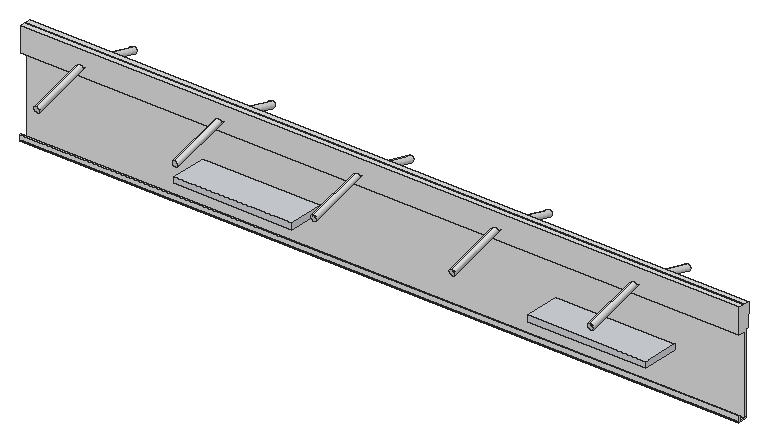
Revit family "Construction-Floors-Classic - Dowel 10NA40-5D", category Generic Models, Revit 2017
Family settings
  Can host rebar = No
  Round Connector Dimension = Use Diameter
  Part Type = Normal
  Cut with Voids When Loaded = Yes
  Shared = No
  Room Calculation Point = No
Parameters (values of type "Classic - Dowel 10NA40-5D H175")
  Youtube clip = ""
  Weight Net (Kg) = "0"
  Uniformat II Description = ""
  Uniformat II Code = ""
  Uniclass 2015 Name = "Roofs, floor and paving elements"
  Uniclass 2015 Code = "EF_30"
  Uniclass 2.0 Description = ""
  Uniclass 2.0 Code = ""
  Uniclass 1.4 Description = ""
  Uniclass 1.4 Code = ""
  UNSPSC Code = ""
  Technical description = "http://www.conecto-profiles.com/industrial-joints/classic/dowel-10na40-5d"
  Single Screw [instance] = and(([built-in parameter 1001306]) / 235.0 mm < 2, [built-in parameter 1001306] > 100.0 mm)  # no
  Screw number [instance] = if(([built-in parameter 1001306]) / 235.0 mm < 2, 2, ([built-in parameter 1001306]) / 235.0 mm)  # 5
  Screw Array [instance] = not(([built-in parameter 1001306]) / 235.0 mm < 2)  # yes
  Region South America = "None"
  Region Oceania = "None"
  Region North America = "None"
  Region Middle East = "None"
  Region Europe = "AD, AL, AT, AX, BA, BE, BG, BY, CH, CY, CZ, DE, DK, EE, ES, FI, FO, FR, GB, GG, GI, GR, HR, HU, IE, IM, IS, IT, JE, LI, LT, LU, LV, MC, MD, ME, MK, MT, NL, NO, PL, PT, RO, RS, RU, SE, SI, SJ, SK, SM, UA, VA"
  Region Asia = "None"
  Region Antarctica = "None"
  Region Africa = "None"
  QR code = "http://bimobject.com/conecto/product/10NA40"
  Profile = Aluminium - CONECTO - Grey
  Product url = "http://www.conecto-profiles.com/industrial-joints/classic/dowel-10na40-5d"
  Product group = "Aluminum profiles"
  Product family = "Expansion profiles"
  Product data url = "https://bimobject.com/conecto/product/10NA40"
  Product certification = ""
  Product SKU = "10NA40"
  Product Guid = "be9afc3e-eed2-42fa-ad58-0a69b42f8fcb"
  Plastic Elements Single [instance] = and([built-in parameter 1001306] > 435.0 mm, [built-in parameter 1001306] / 600.0 mm < 2)  # no
  Plastic Elements Number [instance] = rounddown(if([built-in parameter 1001306] / 600.0 mm < 2, 2, [built-in parameter 1001306] / 600.0 mm))  # 2
  Plastic Elements Array [instance] = not([built-in parameter 1001306] / 600.0 mm < 2)  # yes
  OmniClass Description = "Profiles"
  OmniClass Code = "23-13 17 00"
  Nominal width = 20.0 mm
  Nominal height = 0.0 mm
  NBS Reference Description = ""
  NBS Reference Code = ""
  Material secondary = "Stainless steel"
  Material main = "Steel"
  Material = Aluminium - CONECTO - Grey
  Masterformat 2014 Description = ""
  Masterformat 2014 Code = ""
  Manufacturer name = "Conecto"
  Manufacturer country = "Poland"
  Length2 = 1188.483 mm
  built-in parameter 1001306 [instance] = 1219.2 mm
  Installation instructions = ""
  IFC Classification = "Building Element"
  GTIN code = ""
  Extrusion offset = 131.1 mm
  Edition number = 1
  Design country = "Poland"
  Date of publishing = ""
  COBIe Type Category = ""
  Brand url = "http://www.profiledylatacyjne.com.pl/"
  BIMobject main category code = "construction"
  BIMobject main category = "Construction"
  BIMobject category code = "construction-floors"
  BIMobject category = "Decks, Slabs & Floors"
Types (4, lengths in mm): name | Screw number | Length2 | built-in parameter 1001306 | Extrusion offset
  Classic - Dowel 10NA40-5D H125 | 7 | 1000.0 | 1580.0 | 81.1
  Classic - Dowel 10NA40-5D H155 | 5 | 1188.483 | 1219.2 | 111.3
  Classic - Dowel 10NA40-5D H175 | 5 | 1188.483 | 1219.2 | 131.1
  Classic - Dowel 10NA40-5D H200 | 5 | 1188.483 | 1219.2 | 156.1
Reference planes
  plane 1 "Center (Front/Back)": y = 0
  plane 2: z = 0
  plane 3 "Left": x = 0
  plane 4 "Right": x = 1219.2
  plane 5: x = 1219.2
  plane 6: z = -172.28
  plane 7: z = -209.748
  plane 8: z = -31.01
  plane 9: z = -106.73
  plane 10: z = -41.18
Forms (mm)
  Extrusion 1, solid, material "Aluminium - CONECTO - Grey" <- "Profile", not visible
    sketch origin (197.832, 266.916, -52.36) x (0, 1, 0) y (0, 0, 1)
      loop
        line (-262.941, -103.74) -> (-275.859, -103.74) -> (-275.859, -95.791) -> (-277.846, -95.791) -> (-277.846, -103.74) -> (-277.846, -105.727) -> (-264.929, -105.727) -> (-263.935, -105.528) -> (-263.14, -104.734) -> (-262.941, -103.74)
    from 0 to 1021.368
  Extrusion 2, solid, material "Aluminium - CONECTO - Grey" <- "Profile", not visible
    sketch origin (197.832, 266.916, -52.36) x (0, 1, 0) y (0, 0, 1)
      loop
        line (-262.941, -103.74) -> (-275.859, -103.74) -> (-275.859, -95.791) -> (-277.846, -95.791) -> (-277.846, -103.74) -> (-277.846, -105.727) -> (-264.929, -105.727) -> (-263.935, -105.528) -> (-263.14, -104.734) -> (-262.941, -103.74)
    from 0 to 1021.368
  Extrusion 3, solid, material "Aluminium - CONECTO - Grey" <- "Profile", not visible
    sketch origin (0, 264.929, -62.015) x (0, 1, 0) y (0, 0, 1)
      loop
        line (-262.941, -103.74) -> (-275.859, -103.74) -> (-275.859, -95.791) -> (-277.846, -95.791) -> (-277.846, -103.74) -> (-277.846, -105.727) -> (-264.929, -105.727) -> (-263.935, -105.528) -> (-263.14, -104.734) -> (-262.941, -103.74)
    from 0 to 1000
  Extrusion 4, solid, material "Aluminium - CONECTO - Grey" <- "Profile", not visible
    sketch origin (0, 264.929, -62.015) x (0, 1, 0) y (0, 0, 1)
      loop
        line (-262.941, -103.74) -> (-275.859, -103.74) -> (-275.859, -95.791) -> (-277.846, -95.791) -> (-277.846, -103.74) -> (-277.846, -105.727) -> (-264.929, -105.727) -> (-263.935, -105.528) -> (-263.14, -104.734) -> (-262.941, -103.74)
    from 0 to 1000
  Extrusion 5, solid, material "Aluminium - CONECTO - Grey" <- "Profile"
    sketch origin (188.483, 265.922, -62.514) x (0, 1, 0) y (0, 0, 1)
      loop
        line (-262.941, -109.766) -> (-275.859, -109.766) -> (-275.859, -101.817) -> (-277.846, -101.817) -> (-277.846, -109.766) -> (-277.846, -111.753) -> (-264.929, -111.753) -> (-263.935, -111.554) -> (-263.14, -110.76) -> (-262.941, -109.766)
    from -188.483 to 1030.717
  Extrusion 6, solid, material "Aluminium - CONECTO - Grey" <- "Profile"
    sketch origin (0, 265.922, -18.521) x (0, 1, 0) y (0, 0, 1)
      loop
        line (-256.967, -20.672) -> (-256.967, 19.273) -> (-266.516, 19.273) -> (-266.516, -19.859) -> (-267.316, -19.859) -> (-267.316, 19.273) -> (-276.865, 19.273) -> (-276.865, -22.659) -> (-264.929, -22.659) -> (-264.929, -153.759) -> (-262.941, -153.759) -> (-262.941, -22.659) -> (-263.14, -21.665) -> (-263.935, -20.87) -> (-264.929, -20.672) -> (-256.967, -20.672)
    from 0 to 1219.2
  Extrusion 7, void
    sketch origin (0, 0.994, 0.751) x (0, 1, 0) y (0, 0, 1)
      loop
        line (7.962, 0) -> (-11.936, 0) -> (-11.936, -173.032) -> (7.962, -173.032) -> (7.962, 0)
    from 0 to 1219.2
Lines and regions (mm)
  reference lines
    curve 1: line (0, 0, 0) -> (1219.2, 0, 0)
  model lines
    curve 2: line (0, 6.955, 0.751) -> (0, -9.045, 0.751)
Dimensions and locks
  "built-in parameter 1001306": plane 3 "Left" to plane 4 "Right"
  equal spacing: group 8, group 9, group 14, group 15, group 16  (x3)
  nested 6 to nested 6 = 121.315 mm
  group 10 to group 11 = 600.0 mm
  group 10 to group 11 = 0.0 mm  (x2)
  locked: level to plane 8 at 31.01
  locked: plane 2 to plane 10 at 41.18
  "Extrusion offset": plane 10 to plane 6
  equal spacing: plane 10, plane 9, plane 6
  aligned and locked: plane 4 "Right" to curve 1
  aligned and locked: plane 1 "Center (Front/Back)" to curve 1
  aligned and locked: plane 3 "Left" to curve 1
  aligned and locked: level to plane 2
  aligned and locked: plane 5 to plane 4 "Right"
  aligned and locked: Extrusion 5 to plane 3 "Left"
  aligned and locked: Extrusion 6 to plane 3 "Left"
  aligned and locked: plane 4 "Right" to Extrusion 7
  aligned and locked: plane 4 "Right" to Extrusion 6
  aligned and locked: plane 4 "Right" to Extrusion 5
  aligned and locked: plane 6 to Extrusion 7  (x2)
  aligned and locked: plane 6 to Extrusion 6
  aligned and locked: plane 9 to nested 6
  aligned and locked: plane 9 to nested 7
  aligned and locked: nested 10 to plane 8
  aligned and locked: nested 4 to plane 8
  aligned and locked: nested 5 to plane 8
Automatic sketch dimensions
  Extrusion 1 sketch curve to Extrusion 1 sketch curve = 1.987 mm  (x2)
  Extrusion 1 sketch curve to Extrusion 1 sketch curve = 0.994 mm
  Extrusion 1 sketch curve to Extrusion 1 sketch curve = 0.795 mm  (x2)
  Extrusion 1 sketch curve to Extrusion 1 sketch curve = 0.199 mm  (x2)
  Extrusion 1 sketch curve to Extrusion 1 sketch curve = 0.0 mm
  Extrusion 1 sketch curve to Extrusion 1 sketch curve = 7.949 mm
  Extrusion 1 sketch curve to Extrusion 1 sketch curve = 10.93 mm
  Extrusion 2 sketch curve to Extrusion 2 sketch curve = 1.987 mm  (x2)
  Extrusion 2 sketch curve to Extrusion 2 sketch curve = 0.994 mm
  Extrusion 2 sketch curve to Extrusion 2 sketch curve = 0.795 mm  (x2)
  Extrusion 2 sketch curve to Extrusion 2 sketch curve = 0.199 mm  (x2)
  Extrusion 2 sketch curve to Extrusion 2 sketch curve = 0.0 mm
  Extrusion 2 sketch curve to Extrusion 2 sketch curve = 7.949 mm
  Extrusion 2 sketch curve to Extrusion 2 sketch curve = 10.93 mm
  Extrusion 3 sketch curve to Extrusion 3 sketch curve = 1.987 mm  (x2)
  Extrusion 3 sketch curve to Extrusion 3 sketch curve = 0.795 mm  (x2)
  Extrusion 3 sketch curve to Extrusion 3 sketch curve = 7.949 mm
  Extrusion 3 sketch curve to Extrusion 3 sketch curve = 0.0 mm
  Extrusion 3 sketch curve to Extrusion 3 sketch curve = 0.994 mm  (x2)
  Extrusion 3 sketch curve to Extrusion 3 sketch curve = 0.199 mm
  Extrusion 3 sketch curve to Extrusion 3 sketch curve = 10.93 mm
  Extrusion 4 sketch curve to Extrusion 4 sketch curve = 1.987 mm  (x2)
  Extrusion 4 sketch curve to Extrusion 4 sketch curve = 0.795 mm  (x2)
  Extrusion 4 sketch curve to Extrusion 4 sketch curve = 7.949 mm
  Extrusion 4 sketch curve to Extrusion 4 sketch curve = 0.0 mm
  Extrusion 4 sketch curve to Extrusion 4 sketch curve = 0.994 mm  (x2)
  Extrusion 4 sketch curve to Extrusion 4 sketch curve = 0.199 mm
  Extrusion 4 sketch curve to Extrusion 4 sketch curve = 10.93 mm
  Extrusion 5 sketch curve to plane 6 = 0.0 mm  (x2)
  plane 1 "Center (Front/Back)" to Extrusion 5 sketch curve = 11.924 mm
  Extrusion 5 sketch curve to Extrusion 5 sketch curve = 1.987 mm
  Extrusion 5 sketch curve to plane 1 "Center (Front/Back)" = 0.994 mm
  Extrusion 5 sketch curve to Extrusion 5 sketch curve = 0.994 mm
  plane 6 to Extrusion 5 sketch curve = 0.994 mm
  Extrusion 5 sketch curve to Extrusion 5 sketch curve = 0.795 mm  (x2)
  Extrusion 5 sketch curve to Extrusion 5 sketch curve = 0.199 mm  (x2)
  Extrusion 5 sketch curve to plane 6 = 7.949 mm
  plane 1 "Center (Front/Back)" to Extrusion 7 sketch curve = 10.943 mm
  Extrusion 7 sketch curve to plane 1 "Center (Front/Back)" = 8.955 mm
  plane 6 to Extrusion 7 sketch curve = 0.0 mm
  level to Extrusion 7 sketch curve = 0.751 mm
  plane 1 "Center (Front/Back)" to curve 2 = 9.045 mm
  level to curve 2 = 0.751 mm
  curve 2 to plane 1 "Center (Front/Back)" = 6.955 mm
  Extrusion 6 sketch curve to level = 41.18 mm  (x2)
  plane 6 to Extrusion 6 sketch curve = 0.0 mm
  plane 1 "Center (Front/Back)" to Extrusion 6 sketch curve = 10.943 mm
  plane 1 "Center (Front/Back)" to Extrusion 6 sketch curve = 1.394 mm
  plane 1 "Center (Front/Back)" to Extrusion 6 sketch curve = 0.594 mm
  Extrusion 6 sketch curve to plane 1 "Center (Front/Back)" = 0.994 mm  (x2)
  Extrusion 6 sketch curve to Extrusion 6 sketch curve = 0.994 mm
  Extrusion 6 sketch curve to level = 40.187 mm
  Extrusion 6 sketch curve to Extrusion 6 sketch curve = 0.795 mm  (x2)
  Extrusion 6 sketch curve to Extrusion 6 sketch curve = 0.199 mm  (x2)
  Extrusion 6 sketch curve to plane 1 "Center (Front/Back)" = 8.955 mm
  Extrusion 6 sketch curve to Extrusion 6 sketch curve = 0.813 mm
  Extrusion 6 sketch curve to Extrusion 6 sketch curve = 39.131 mm
  Extrusion 6 sketch curve to Extrusion 6 sketch curve = 0.0 mm
Nested families
  nested 1: "Scraw" at (1195.317, 1087.956, 51), visible <- "Screw Array", type "Family3", not visible
    with Screw 2
  nested 2: "Plastic" at (300, 435.185, 382.057), visible <- "Plastic Elements Array", type "Family5", not visible
  nested 3: "Scraw" at (100, 435.185, 433.057), visible <- "Screw Array", type "Family3", not visible
    with Screw 2
  nested 4: "Scraw" at (100, 0.994, 9.82), visible <- "Screw Array", type "Family3"
    with Screw 2
  nested 5: "Scraw" at (335, 0.994, 9.82), visible <- "Screw Array", type "Family3"
    with Screw 2
  nested 6: "Plastic" at (300, 0.994, -75.225), visible <- "Plastic Elements Array", type "Family5"
  nested 7: "Plastic" at (900, 0.994, -75.225), visible <- "Plastic Elements Array", type "Family5"
  nested 8: "Plastic" at (1623.485, 982.73, 0), visible <- "Plastic Elements Array", type "Family5", not visible
  nested 9: "Scraw" at (1423.485, 982.73, 51), visible <- "Screw Array", type "Family3", not visible
    with Screw 2
  nested 10: "Scraw" at (100.234, 0.994, 9.82), visible <- "Single Screw", type "Family3"
    with Screw 2
  nested 11: "Scraw" at (570, 0.994, 9.82), visible <- "Screw Array", type "Family3"
    with Screw 2
  nested 12: "Scraw" at (805, 0.994, 9.82), visible <- "Screw Array", type "Family3"
    with Screw 2
  nested 13: "Scraw" at (1040, 0.994, 9.82), visible <- "Screw Array", type "Family3"
    with Screw 2
Definition of nested family "Scraw"
  Parameters (values of type "Family3")
    Screw [instance] = 2
    Profile = none
    Plastic = none
  Reference planes
    plane 1 "Center (Front/Back)": y = 0
    plane 2: z = 0
    plane 3 "Center (Left/Right)": x = 0
  Forms (mm)
    Sweep 1, solid, material <- "Profile"
      path origin (0, 0, 0) x (0, 1, 0) y (0, 0, 1)
        loop
          line (-6, -36) -> (-102.593, -61.882)
      profile "Profile : Family3" origin (0, -54.296, -48.941) x (0, 0.258819, -0.965926) y (1, 0, 0)
        loop
          circle (0, 0) r 5
    Sweep 2, solid, material <- "Profile"
      path origin (0, 0, 0) x (0, -1, 0) y (0, 0, 1)
        loop
          line (-6, -36) -> (-102.593, -61.882)
      profile "Profile : Family3" origin (0, 54.296, -48.941) x (0, 0.258819, 0.965926) y (1, 0, 0)
        loop
          circle (0, 0) r 5
  Lines and regions (mm)
    reference lines
      curve 1: line (0, 4.706, -40.83) -> (0, -4.706, -40.83)
  Dimensions and locks
    aligned and locked: level to plane 2
Definition of nested family "Plastic"
  Parameters (values of type "Family5")
    Plastic Parts = none
  Reference planes
    plane 1 "Center (Front/Back)": y = 0
    plane 2: z = 0
    plane 3 "Center (Left/Right)": x = 0
    plane 4: x = 200
    plane 5: z = -31.506
  Forms (mm)
    Extrusion 1, solid, material <- "Plastic Parts"
      sketch origin (0, 0, 0) x (0, 1, 0) y (0, 0, 1)
        loop
          line (60, -26.387) -> (-61.315, -26.387) -> (-61.315, -36.624) -> (60, -36.624) -> (60, -26.387)
      from 0 to 200
  Dimensions and locks
    plane 3 "Center (Left/Right)" to plane 4 = 200.0 mm
    aligned and locked: level to plane 2
